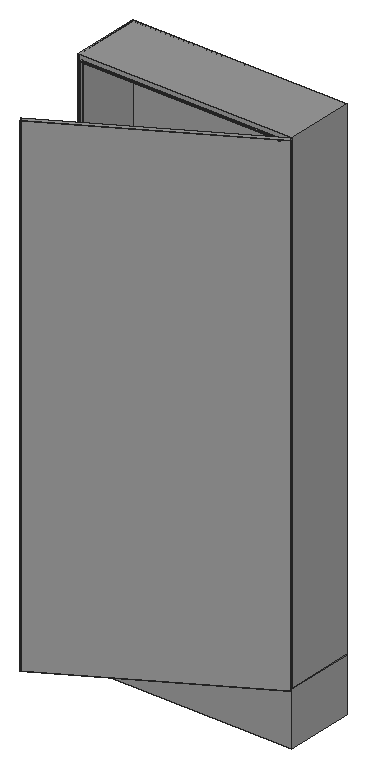
Revit family "Hager-Univers-IP55-D275-H2050-Cl.II-Steel_encl-NoHosted-CH-en", category Equipement électrique, Revit 2020
Family settings
  Configuration du panneau = Deux colonnes, circuits au sein
  Cote de connecteur circulaire = Utiliser le diamètre
  Type d'élément = Tableau de raccordement
  Basée sur le plan de construction = Oui
  Toujours verticalement = Oui
  Couper avec des vides une fois chargée = Non
  Partagée = Non
  Point de calcul de pièce = Non
Parameters (values of type "Floor installation IP55 W800 H2050 D275  - FR23S2")
  Width Control [instance] = if([EF000008 - Width] > Min Width, [EF000008 - Width], Min Width)  # 800 mm
  Commentaires du type = [HG000003 - Range]  # "Univers"
  Thickness Door [instance] = if([EF009171 - Material plate thickness door/cover] > 3 mm, 3 mm, [EF009171 - Material plate thickness door/cover])  # 1.5 mm
  Seal Frame Offset [instance] = 17 mm  # constant formula
  Plinth Visibility [instance] = [HG000027 - Plinth height] > 0 mm  # yes
  Min Width [instance] = 100 mm  # constant formula
  Min Depth [instance] = (2 * [EF009170 - Material plate thickness cabinet]) + 1 mm  # 4 mm
  Min Height [instance] = 100 mm  # constant formula
  Internal Frame Depth [instance] = (Door System Depth * 0.5)  # 9 mm
  Panel Name [instance] = ""  # (empty or 0)
  Model = ""
  HG000027 - Plinth height = 200 mm
  HG000026 - Floor standing = yes
  HG000024 - Bottom section height = 600 mm
  HG000023 - Double section enclosure = no
  HG000016 - Door 3d visibility [instance] = yes
  HG000015 - Clearance visibility [instance] = no
  HG000014 - Door on the right [instance] = yes
  HG000013 - Door on the left [instance] = not([HG000014 - Door on the right])  # no
  HG000012 - Door swing angle [instance] = 30.00°
  HG000010 - Asymmetric doors = no
  HG000009 - Double swing door = no
  HG000006 - Flush mounted = no
  HG000004 - Manufacturer reference = "FR23S2"
  HG000003 - Range = "Univers"
  HG000002 - With door or cover = yes
  Frame Offset Bottom [instance] = 10 mm  # constant formula
  Frame Offset [instance] = 15 mm  # constant formula
  EF015940 - Cover with overpressure release = no
  EF011959 - Degree of protection (NEMA) = ""
  EF009554 - Number of openings for flange plates = 6
  EF009212 - Cover model = "EV000116 - Closed"
  EF009171 - Material plate thickness door/cover = 1.5 mm
  EF009170 - Material plate thickness cabinet = 1.5 mm
  EF008873 - Nominal current (In) = 800 A
  EF007800 - Suitable for lightning protection = no
  EF006306 - With lock = no
  EF006244 - Transparent cover/door = no
  EF005474 - Degree of protection (IP) = "EV006420 - IP55"
  EF004464 - Type of door = "EV002646 - Single"
  EF004427 - Number of modules = 432
  EF004293 - Impact strength = "EV008784 - IK10"
  EF003532 - Suitable for outdoor use = no
  EF002950 - Width in number of modular spacings = 24
  EF001613 - Circuit integrity = "EV000494 - None"
  EF001596 - Material housing = "EV000179 - Steel"
  EF001131 - Internal depth = 275 mm
  EF001088 - Extension possible = yes
  EF000437 - Number of conduit inlets = 6
  EF000339 - Type of cover = "EV004216 - Door"
  EF000266 - Number of rows = 12
  EF000218 - Built-in depth = 0 mm
  EF000118 - With mounting plate = no
  EF000116 - RAL-number = "7035"
  EF000049 - Depth = 275 mm
  EF000040 - Height = 2050 mm
  EF000008 - Width = 800 mm
  EF000007 - Colour = "EV000270 - Grey"
  EF000003 - Mounting method = "EV012274 - Floor installation"
  Door System Leaf Tolerance [instance] = 1.5 mm  # constant formula
  Door System Depth [instance] = 18 mm  # constant formula
  Door Height [instance] = Height Control - [HG000027 - Plinth height]  # 1850 mm
  Description = ""
  Default Elevation = 1219.2 mm
  Connector Offset [instance] = Height Control / 2  # 1025 mm
  Fabricant = "Hager"  # constant formula
  Height Control [instance] = if([EF000040 - Height] > Min Height, [EF000040 - Height], Min Height)  # 2050 mm
  Depth Control [instance] = if([EF000049 - Depth] > Min Depth, [EF000049 - Depth], Min Depth)  # 275 mm
  Bottom Top Plate Trim [instance] = 1.5 mm  # constant formula
  Plinth height Ctrl [instance] = if([HG000027 - Plinth height] > 0 mm, [HG000027 - Plinth height], 12 mm)  # 200 mm
Types (11, lengths in mm): name | Width Control | HG000010 - Asymmetric doors | HG000009 - Double swing door | HG000004 - Manufacturer reference | EF009554 - Number of openings for flange plates | EF006244 - Transparent cover/door | EF004464 - Type of door | EF004427 - Number of modules | EF000437 - Number of conduit inlets | EF000008 - Width
  Floor installation IP55 W1050 H2050 D275  - FR24L2 | 1050 | yes | yes | "FR24L2" | 8 | yes | "EV003602 - Double" | 576 | 8 | 1050
  Floor installation IP55 W1050 H2050 D275  - FR24S2 | 1050 | yes | yes | "FR24S2" | 8 | no | "EV003602 - Double" | 576 | 8 | 1050
  Floor installation IP55 W1300 H2050 D275  - FR25L2 | 1300 | yes | yes | "FR25L2" | 10 | yes | "EV003602 - Double" | 720 | 10 | 1300
  Floor installation IP55 W1300 H2050 D275  - FR25S2 | 1300 | yes | yes | "FR25S2" | 10 | no | "EV003602 - Double" | 720 | 10 | 1300
  Floor installation IP55 W1550 H2050 D275  - FR26L2 | 1550 | yes | yes | "FR26L2" | 12 | yes | "EV003602 - Double" | 864 | 12 | 1550
  Floor installation IP55 W1550 H2050 D275  - FR26S2 | 1550 | yes | yes | "FR26S2" | 12 | no | "EV003602 - Double" | 864 | 12 | 1550
  Floor installation IP55 W300 H2050 D275  - FR21S2 | 300 | no | no | "FR21S2" | 2 | no | "EV002646 - Single" | 144 | 2 | 300
  Floor installation IP55 W550 H2050 D275  - FR22L2 | 550 | no | no | "FR22L2" | 4 | yes | "EV002646 - Single" | 288 | 4 | 550
  Floor installation IP55 W550 H2050 D275  - FR22S2 | 550 | no | no | "FR22S2" | 4 | no | "EV002646 - Single" | 288 | 4 | 550
  Floor installation IP55 W800 H2050 D275  - FR23L2 | 800 | no | no | "FR23L2" | 6 | yes | "EV002646 - Single" | 432 | 6 | 800
  Floor installation IP55 W800 H2050 D275  - FR23S2 | 800 | no | no | "FR23S2" | 6 | no | "EV002646 - Single" | 432 | 6 | 800
Reference planes
  plane 1 "Center (Front/Back)": y = 0
  plane 2: z = 0
  plane 3 "Center (Left/Right)": x = 0
  plane 4: y = 0
  plane 5: y = 0
  plane 6: z = 0
  plane 7: x = -400
  plane 8: x = 400
  plane 9: x = 398.5
  plane 10: x = -398.5
  plane 11: z = 200
  plane 12: z = 201.5
  plane 13: y = -275
  plane 14: y = -1.5
  plane 15: x = 0
  plane 16: y = -257
  plane 17: y = -273.5
  plane 18: y = -255.5
  plane 19: x = -383.5
  plane 20: x = 383.5
  plane 21: z = 211.5
  plane 22: x = -383
  plane 23: x = 383
  plane 24: z = 200
  plane 25: z = 2050
  plane 26: z = 2050
  plane 27: z = 2033.5
  plane 28: z = 2048.5
Forms (mm)
  Extrusion 1, solid, material "Hager_Steel_RAL7035_Light_Grey", detail levels medium+fine
    sketch origin (-208.679, -4572, 200) x (-1, 0, 0) y (0, -1, 0)
      loop
        line (191.321, -4315) -> (-608.679, -4315) -> (-608.679, -4572) -> (191.321, -4572) -> (191.321, -4315)
    from 0 to 1850
  Extrusion 2, void
    sketch origin (-350.771, -275, 1219.2) x (1, 0, 0) y (0, 0, 1)
      loop
        line (-47.729, 829.3) -> (-47.729, -1017.7) -> (749.271, -1017.7) -> (749.271, 829.3) -> (-47.729, 829.3)
    from -19.5 to -273.5
  Extrusion 3, void
    sketch origin (-290.084, -257, 1219.2) x (1, 0, 0) y (0, 0, 1)
      loop
        line (-93.416, -1007.7) -> (673.584, -1007.7) -> (673.584, 814.3) -> (-93.416, 814.3) -> (-93.416, -1007.7)
    from 0 to -1.5
  Extrusion 4, solid, material "Hager_Steel_RAL7035_Light_Grey", visible <- "Plinth Visibility", detail levels medium+fine
    sketch origin (0, 0, 0) x (1, 0, 0) y (0, 1, 0)
      loop
        line (-400, 0) -> (-400, -257) -> (400, -257) -> (400, 0) -> (-400, 0)
    from 0 to 200 <- "Plinth height Ctrl"
  Extrusion 5, solid, material "Hager_Steel_RAL7035_Light_Grey", detail levels coarse
    sketch origin (0, 0, 0) x (1, 0, 0) y (0, 1, 0)
      loop
        line (-400, 0) -> (-400, -275) -> (400, -275) -> (400, 0) -> (-400, 0)
    from 0 to 2050 <- "Height Control"
  Sweep 6, void
    path in 3D
      loop
        line (-400, -257, 200) -> (400, -257, 200) -> (400, 0, 200) -> (-400, 0, 200) -> (-400, -257, 200)
    profile origin (-400, -128.5, 200) x (1, 0, 0) y (0, 0, 1)
      loop
        line (0, 0) -> (0, -1.5) -> (1.5, -1.5)
        arc (1.5, -1.5) -> (1.061, -0.439) -> (0, 0) r 1.5
  Extrusion 7, solid, material "Hager_Steel_RAL7035_Light_Grey", detail levels fine
    sketch origin (-400, -257, 200) x (1, 0, 0) y (0, 0, 1)
      loop
        line (16.5, 11.5) -> (783.5, 11.5) -> (783.5, 1833.5) -> (16.5, 1833.5) -> (16.5, 11.5)
      loop
        line (15, 10) -> (785, 10) -> (785, 1835) -> (15, 1835) -> (15, 10)
    from 0 to 9 <- "Internal Frame Depth"
Cuts and joins
  Extrusion 2, Extrusion 3 cuts Extrusion 1
  Sweep 6 cuts Extrusion 4
Lines and regions (mm)
  Masking region 1
    outline origin (0, 0, 0) x (1, 0, 0) y (0, 1, 0)
      loop
        line (-400, 0) -> (-400, -275) -> (400, -275) -> (400, 0) -> (-400, 0)
  Masking region 2, detail levels coarse
    outline origin (-290.084, -257, 1219.2) x (-1, 0, 0) y (0, 0, 1)
      loop
        line (-690.084, -1219.2) -> (109.916, -1219.2) -> (109.916, 830.8) -> (-690.084, 830.8) -> (-690.084, -1219.2)
  Masking region 3, detail levels coarse
    outline origin (0, 0, 0) x (0, 1, 0) y (0, 0, 1)
      loop
        line (0, 0) -> (0, 2050) -> (-275, 2050) -> (-275, 0) -> (0, 0)
  Masking region 4, visible <- "Plinth Visibility", detail levels medium+fine
    outline origin (0, 0, 0) x (0, 1, 0) y (0, 0, 1)
      loop
        line (-1.5, 200) -> (-255.5, 200)
        arc (-255.5, 200) -> (-255.939, 198.939) -> (-257, 198.5) r 1.5
        line (-257, 198.5) -> (-257, 0) -> (0, 0) -> (0, 198.5)
        arc (0, 198.5) -> (-1.061, 198.939) -> (-1.5, 200) r 1.5
  Masking region 5, detail levels medium+fine
    outline origin (0, 0, 594.038) x (0, 1, 0) y (0, 0, 1)
      loop
        line (0, -394.038) -> (0, 1455.962) -> (-257, 1455.962) -> (-257, -394.038) -> (0, -394.038)
  Masking region 6, detail levels medium+fine
    outline origin (-359.7, -257, 1211.883) x (-1, 0, 0) y (0, 0, 1)
      loop
        line (-759.7, -1011.883) -> (40.3, -1011.883) -> (40.3, 838.117) -> (-759.7, 838.117) -> (-759.7, -1011.883)
  Masking region 7, visible <- "Plinth Visibility", detail levels medium+fine
    outline origin (-320.334, -257, 1041.368) x (-1, 0, 0) y (0, 0, 1)
      loop
        line (-720.334, -1041.368) -> (79.666, -1041.368) -> (79.666, -842.868)
        arc (79.666, -842.868) -> (78.606, -842.429) -> (78.166, -841.368) r 1.5
        line (78.166, -841.368) -> (-718.834, -841.368)
        arc (-718.834, -841.368) -> (-719.273, -842.429) -> (-720.334, -842.868) r 1.5
        line (-720.334, -842.868) -> (-720.334, -1041.368)
  sketch lines
    curve 1: line (-400, 0, 200) -> (-400, -257, 200)
    curve 2: line (-400, -257, 200) -> (400, -257, 200)
    curve 3: line (400, 0, 200) -> (-400, 0, 200)
    curve 4: line (400, -257, 200) -> (400, 0, 200)
Dimensions and locks
  locked: plane 1 "Center (Front/Back)" to plane 5
  "EF009170 - Material plate thickness cabinet": plane 7 to plane 10
  "EF009170 - Material plate thickness cabinet": plane 8 to plane 9
  equal spacing: plane 7, plane 3 "Center (Left/Right)", plane 8
  "Width Control": plane 7 to plane 8
  "Depth Control": plane 4 to plane 13
  "EF009170 - Material plate thickness cabinet": plane 4 to plane 14
  "Height Control": plane 25 to level
  "HG000027 - Plinth height": plane 11 to level
  "EF009170 - Material plate thickness cabinet": plane 12 to plane 11
  "EF009170 - Material plate thickness cabinet": plane 17 to plane 13
  "EF009170 - Material plate thickness cabinet": plane 18 to plane 16
  "Frame Offset Bottom": plane 21 to plane 12
  "Frame Offset": plane 10 to plane 19
  "Frame Offset": plane 9 to plane 20
  "Door System Depth": plane 16 to plane 13
  "Seal Frame Offset": plane 7 to plane 22
  "Seal Frame Offset": plane 8 to plane 23
  "EF009170 - Material plate thickness cabinet": plane 26 to plane 28
  "Frame Offset": plane 28 to plane 27
  "Connector Offset": plane 2 to connector elem
  "Bottom Top Plate Trim": profile plane to Sweep 6 sketch curve
  "Bottom Top Plate Trim": Sweep 6 sketch curve to Sweep 6 sketch curve
  "Plinth height Ctrl": Masking region 4 sketch curve to level
  "Plinth height Ctrl": Masking region 7 sketch curve to level
  "Thickness Door": Extrusion 7 sketch curve to Extrusion 7 sketch curve  (x4)
  "Bottom Top Plate Trim": radius of Sweep 6 sketch curve
  "Bottom Top Plate Trim": radius of Masking region 4 sketch curve  (x2)
  "Bottom Top Plate Trim": radius of Masking region 7 sketch curve  (x2)
  aligned and locked: Extrusion 2 sketch curve to plane 12
  aligned and locked: Extrusion 2 sketch curve to plane 9
  aligned and locked: Extrusion 2 sketch curve to plane 10
  aligned and locked: Extrusion 2 to plane 14
  aligned and locked: Extrusion 1 sketch curve to plane 4
  aligned and locked: plane 8 to Extrusion 1 sketch curve
  aligned and locked: plane 7 to Extrusion 1 sketch curve
  aligned and locked: Extrusion 2 to plane 18
  aligned and locked: Extrusion 3 sketch curve to plane 19
  aligned and locked: plane 20 to Extrusion 3 sketch curve
  aligned and locked: Extrusion 3 to Extrusion 2
  aligned and locked: Extrusion 3 sketch curve to plane 21
  aligned and locked: plane 3 "Center (Left/Right)" to nested 1
  aligned and locked: Extrusion 1 sketch curve to plane 16
  aligned and locked: Extrusion 4 sketch curve to cut or joined group of Extrusion 1, Extrusion 2, Extrusion 3
  aligned and locked: Masking region 1 sketch curve to plane 7
  aligned and locked: Masking region 1 sketch curve to plane 5
  aligned and locked: Masking region 1 sketch curve to plane 8
  aligned and locked: Masking region 2 sketch curve to level
  aligned and locked: level to Masking region 3 sketch curve
  aligned and locked: plane 1 "Center (Front/Back)" to Masking region 3 sketch curve
  aligned and locked: plane 13 to Masking region 3 sketch curve
  aligned and locked: plane 5 to Masking region 4 sketch curve
  aligned and locked: Masking region 2 sketch curve to plane 8
  aligned and locked: Masking region 2 sketch curve to plane 7
  aligned and locked: plane 7 to nested 2
  aligned and locked: nested 2 to plane 5
  aligned and locked: plane 5 to Masking region 5 sketch curve
  aligned and locked: plane 26 to Masking region 5 sketch curve
  aligned and locked: Extrusion 5 sketch curve to plane 8
  aligned and locked: Extrusion 5 sketch curve to plane 7
  aligned and locked: Extrusion 5 sketch curve to plane 5
  aligned and locked: Extrusion 3 sketch curve to plane 27
  aligned and locked: Extrusion 2 sketch curve to plane 28
  aligned and locked: Masking region 2 to plane 25
  aligned and locked: Extrusion 4 to plane 16
  aligned and locked: profile plane to Sweep 6 sketch curve
  aligned and locked: Masking region 5 sketch curve to plane 24
  aligned and locked: level to Masking region 4 sketch curve
  aligned and locked: Masking region 1 to plane 13
  aligned and locked: nested 1 to plane 16
  aligned and locked: Masking region 3 to plane 25
  aligned and locked: plane 16 to Masking region 4 sketch curve
  aligned and locked: Masking region 5 sketch curve to plane 16
  aligned and locked: plane 24 to plane 11
  aligned and locked: plane 26 to plane 25
  aligned and locked: plane 26 to cut or joined group of Extrusion 1, Extrusion 2, Extrusion 3
  aligned and locked: nested 1 to plane 24
  aligned and locked: Extrusion 1 to Extrusion 3
  aligned and locked: Masking region 6 sketch curve to plane 8
  aligned and locked: Masking region 6 sketch curve to plane 24
  aligned and locked: Masking region 6 sketch curve to plane 7
  aligned and locked: Masking region 6 sketch curve to plane 26
  aligned and locked: Masking region 7 sketch curve to plane 7
  aligned and locked: level to Masking region 7 sketch curve
  aligned and locked: Masking region 7 sketch curve to plane 8
  aligned and locked: Extrusion 7 sketch curve to cut or joined group of Extrusion 1, Extrusion 2, Extrusion 3  (x4)
Automatic sketch dimensions
  plane 19 to Extrusion 3 sketch curve = 0 mm
  Extrusion 3 sketch curve to plane 20 = 0 mm
  Extrusion 3 sketch curve to plane 21 = 0 mm
  Extrusion 4 sketch curve to plane 7 = 0 mm
  Extrusion 4 sketch curve to plane 8 = 0 mm
  Extrusion 4 sketch curve to plane 16 = 0 mm
  Masking region 1 sketch curve to plane 13 = 0 mm
  Masking region 2 sketch curve to plane 25 = 0 mm
  Masking region 3 sketch curve to plane 25 = 0 mm
  Extrusion 5 sketch curve to plane 13 = 0 mm
  profile plane to Sweep 6 sketch curve = 0 mm
Nested families
  nested 1: "EC000058_Univers_Door" at (0, -257, 200), Double <- "HG000009 - Double swing door", Transparent <- "EF006244 - Transparent cover/door", Angle <- "HG000012 - Door swing angle", Door_Right <- "HG000014 - Door on the right", Assymetrical <- "HG000010 - Asymmetric doors", Door <- "HG000002 - With door or cover", Width_Ctrl <- "Width Control", 3d_Door <- "HG000016 - Door 3d visibility", Clearance <- "HG000015 - Clearance visibility", Door_Left <- "HG000013 - Door on the left", Width <- "Width Control", Door_Depth <- "Door System Depth", Leaf_Tolerance <- "Door System Leaf Tolerance", Height <- "Door Height", Lock_Visibility <- "EF006306 - With lock", Thickness <- "Thickness Door", type "EC000058_Univers_Door", detail levels medium+fine
    with min_wh 4 mm, Width_Ctrl 800 mm, Width 800 mm, Transparent no, Thickness 1.5 mm, Seal_Material Hager_Rubber, Lock_Visibility no, Lock_Material Hager_Plastic_RAL9005_Jet_Black, Leaf_Width 800 mm, Leaf_Tolerance_External_Sides 0 mm, Leaf_Tolerance 1.5 mm, Leaf_Offset 0 mm, Leaf_Height 1847 mm, Leaf_2_Width 800 mm, Leaf_2_Offset 400 mm, Leaf_1_Width 800 mm, Leaf_1_Offset 400 mm, Height_Ctrl 1850 mm, Height 1850 mm, Glass_Material Hager_Glass, Double_Clearance_Ctrl no, Double no, Door_Right_Ctrl yes, Door_Right yes, Door_Material Hager_Steel_RAL7035_Light_Grey, Door_Left_Ctrl no, Door_Left no, Door_Depth 18 mm, Door yes, Clearance_Material Hager_Clearance, Clearance_Depth 800 mm, Clearance_Ctrl no, Clearance no, Assymetrical no, Angle 30.00°, 3d_Door yes
  nested 2: "Hager_Enclosure_Symbol" at (-400, 0, 0), Height <- "Depth Control", Width <- "Width Control", type "Hager_Enclosure_Symbol"
    with Width_Ctrl 800 mm, Width 800 mm, Height_Ctrl 275 mm, Height 275 mm, A_Width_Int 18.047 mm, A_Width 216.562 mm, A_Height_Ctrl 240.625 mm, A_Height 240.625 mm
Connectors
  electrical at (0, 0, 1025)
    settings: on plane 1 "Center (Front/Back)", index 1, voltage 0 V, apparent load 0 VA, apparent load phase1 0 VA, apparent load phase2 0 VA, apparent load phase3 0 VA, power factor 1, load classification "Other", number of poles 1, system type 30, power factor state 1, is connector primary yes, connector utility no, sub classification motor no, connector description ""
Definition of nested family "EC000058_Univers_Door"
  Parameters (values of type "EC000058_Univers_Door")
    min_wh [instance] = (2 * Thickness) + 1 mm  # 11 mm
    Width_Ctrl [instance] = 400 mm
    Width [instance] = 500 mm
    Transparent [instance] = yes
    Thickness [instance] = 5 mm
    Seal_Material [instance] = none
    Lock_Visibility [instance] = yes
    Lock_Material [instance] = none
    Leaf_Width [instance] = if((Width_Ctrl - 2 * Leaf_Tolerance_External_Sides) > 0 mm, (Width_Ctrl - 2 * Leaf_Tolerance_External_Sides), min_wh)  # 400 mm
    Leaf_Tolerance_External_Sides [instance] = 0 mm  # constant formula
    Leaf_Tolerance [instance] = 1.5 mm
    Leaf_Offset [instance] = 0 mm  # constant formula
    Leaf_Height [instance] = if((Height_Ctrl - 2 * Leaf_Tolerance) > 0 mm, (Height_Ctrl - 2 * Leaf_Tolerance), min_wh)  # 497 mm
    Leaf_2_Width [instance] = if(and(and(Double, Assymetrical), Door_Left), (Leaf_Width / 3) - (Leaf_Tolerance / 2), if(and(and(Double, Assymetrical), Door_Right), (Leaf_Width / 3) * 2 - (Leaf_Tolerance / 2), if(and(Double, not(Assymetrical)), (Leaf_Width / 2) - Leaf_Tolerance, Leaf_Width)))  # 400 mm
    Leaf_2_Offset [instance] = if(and(Double, Assymetrical), Leaf_2_Width / 2, if(and(Double, not(Assymetrical)), Leaf_Width / 4, Leaf_Width / 2))  # 200 mm
    Leaf_1_Width [instance] = if(and(and(Double, Assymetrical), Door_Right), (Leaf_Width / 3) - (Leaf_Tolerance / 2), if(and(and(Double, Assymetrical), Door_Left), (Width / 3) * 2 - (Leaf_Tolerance / 2), if(and(Double, not(Assymetrical)), (Leaf_Width / 2) - Leaf_Tolerance, Leaf_Width)))  # 400 mm
    Leaf_1_Offset [instance] = if(and(Double, Assymetrical), Leaf_1_Width / 2, if(and(Double, not(Assymetrical)), Leaf_Width / 4, Leaf_Width / 2))  # 200 mm
    Height_Ctrl [instance] = if(Height > min_wh, Height, min_wh)  # 500 mm
    Height [instance] = 500 mm
    Glass_Material [instance] = none
    Double_Clearance_Ctrl [instance] = and(Double, Clearance)  # no
    Double [instance] = no
    Door_Right_Ctrl [instance] = and(or(Door_Right, Double), Door)  # yes
    Door_Right [instance] = yes
    Door_Material [instance] = none
    Door_Left_Ctrl [instance] = and(or(Door_Left, Double), Door)  # no
    Door_Left [instance] = no
    Door_Depth [instance] = 30 mm
    Door [instance] = yes
    Default Elevation = 1219.2 mm
    Clearance_Material [instance] = none
    Clearance_Depth [instance] = if(Leaf_1_Width > Leaf_2_Width, Leaf_1_Width, Leaf_2_Width)  # 400 mm
    Clearance_Ctrl [instance] = and(not(Double), Clearance)  # yes
    Clearance [instance] = yes
    Assymetrical [instance] = yes
    Angle [instance] = 30.00°
    3d_Door [instance] = yes
  Reference planes
    plane 1 "Center (Front/Back)": y = 0
    plane 2 "Bottom": z = 0
    plane 3 "Center (Left/Right)": x = 0
    plane 4: z = 500
    plane 5: x = -200
    plane 6: x = 200
    plane 7: z = 500
    plane 8: x = -200
    plane 9: z = 0
    plane 10: x = 200
    plane 11: y = 0
    plane 12: z = 1.5
    plane 13: x = -600
    plane 14: y = -400
    plane 15: x = 600
    plane 16: x = 0
    plane 17: x = 0
    plane 18: x = -200
    plane 19: x = 200
    plane 20: z = 498.5
  Forms (mm)
    Extrusion 1, solid, material <- "Clearance_Material", visible <- "Double_Clearance_Ctrl"
      sketch origin (1200, 0, 0) x (1, 0, 0) y (0, 0, -1)
        loop
          line (-1800, -498.5) -> (-600, -498.5) -> (-600, 0) -> (-1800, 0) -> (-1800, -498.5)
      from 0 to -400
  Dimensions and locks
    equal spacing: plane 5, plane 3 "Center (Left/Right)", plane 6
    "Width_Ctrl": plane 5 to plane 6
    "Leaf_Offset": plane 5 to plane 8
    "Leaf_Offset": plane 6 to plane 10
    "Leaf_Offset": plane 9 to level
    "Leaf_Offset": plane 4 to plane 7
    "Height_Ctrl": plane 4 to level
    "Leaf_Tolerance": plane 12 to plane 9
    locked: plane 11 to plane 1 "Center (Front/Back)"
    "Leaf_1_Offset": plane 18 to plane 16
    "Leaf_2_Offset": plane 17 to plane 19
    "Leaf_1_Width": plane 13 to plane 8
    "Leaf_2_Width": plane 10 to plane 15
    "Clearance_Depth": plane 14 to plane 1 "Center (Front/Back)"
    "Leaf_Tolerance_External_Sides": plane 8 to plane 18
    "Leaf_Tolerance_External_Sides": plane 19 to plane 10
    "Leaf_Tolerance": plane 7 to plane 20
    aligned and locked: level to plane 2 "Bottom"
    aligned and locked: nested 1 to plane 16
    aligned and locked: nested 2 to plane 17
    aligned and locked: Extrusion 1 to plane 13
    aligned and locked: plane 15 to Extrusion 1
    aligned and locked: Extrusion 1 to plane 14
    aligned and locked: plane 12 to nested 1
    aligned and locked: nested 2 to plane 12
    aligned and locked: Extrusion 1 to plane 11
    aligned and locked: plane 20 to Extrusion 1
    aligned and locked: nested 2 to plane 11
    aligned and locked: nested 1 to plane 11
  Automatic sketch dimensions
    Extrusion 1 sketch curve to level = 0 mm
    plane 5 to Extrusion 1 sketch curve = 400 mm
    plane 6 to Extrusion 1 sketch curve = 400 mm
    Extrusion 1 sketch curve to plane 4 = 1.5 mm
  Nested families
    nested 1: "EC000058_Univers_Door_Leaf" at (0, 0, 1.5), Width <- "Leaf_1_Width", visible <- "Door_Left_Ctrl", Leaf_Height <- "Leaf_Height", Angle <- "Angle", 3d_Door <- "3d_Door", Transparent <- "Transparent", Clearance Material <- "Clearance_Material", Clearance <- "Clearance_Ctrl", Door_Material <- "Door_Material", Glass_Material <- "Glass_Material", Door_Depth <- "Door_Depth", Lock_Material <- "Lock_Material", Seal_Material <- "Seal_Material", Lock_Visibility <- "Lock_Visibility", Thickness <- "Thickness", type "EC000058_Univers_Door_Leaf"
      with Width 400 mm, Transparent_Glass_Offset 30 mm, Transparent_Ctrl yes, Transparent yes, Thickness 5 mm, Standard no, Seal_Material none, Seal_D2 8 mm, Seal_D1 1 mm, Offset_Internal_Frame 10 mm, Lock_Width 20 mm, Lock_Visibility_3d yes, Lock_Visibility yes, Lock_Thickness_3 3 mm, Lock_Thickness_2 1 mm, Lock_Thickness_1 3 mm, Lock_Radius_Offset_2 16 mm, Lock_Radius_Offset_1 15 mm, Lock_Radius_2 5 mm, Lock_Radius 6 mm, Lock_Offset 5 mm, Lock_Material none, Lock_Height 80 mm, Lock_Cover_Top_Offset_2d 17 mm, Lock_Cover_Height -65 mm, Leaf_Height 497 mm, Internal_Seal_Thickness 8 mm, Internal_Seal_Depth_2 4.5 mm, Internal_Frame_Depth 25 mm, Glass_Thickness -1 mm, Glass_Offset -2 mm, Glass_Material none, Door_Material none, Door_Depth 30 mm, Clearance Material none, Clearance yes, Angle_Ctrl 30.00°, Angle 30.00°, 3d_Door yes
    nested 2: "EC000058_Univers_Door_Leaf" at (0, 0, 1.5) x (-1, 0, 0) z (0, 0, 1), Width <- "Leaf_2_Width", visible <- "Door_Right_Ctrl", Leaf_Height <- "Leaf_Height", Angle <- "Angle", 3d_Door <- "3d_Door", Transparent <- "Transparent", Clearance Material <- "Clearance_Material", Clearance <- "Clearance_Ctrl", Door_Material <- "Door_Material", Glass_Material <- "Glass_Material", Door_Depth <- "Door_Depth", Lock_Material <- "Lock_Material", Seal_Material <- "Seal_Material", Lock_Visibility <- "Lock_Visibility", Thickness <- "Thickness", type "EC000058_Univers_Door_Leaf"
      with Width 400 mm, Transparent_Glass_Offset 30 mm, Transparent_Ctrl yes, Transparent yes, Thickness 5 mm, Standard no, Seal_Material none, Seal_D2 8 mm, Seal_D1 1 mm, Offset_Internal_Frame 10 mm, Lock_Width 20 mm, Lock_Visibility_3d yes, Lock_Visibility yes, Lock_Thickness_3 3 mm, Lock_Thickness_2 1 mm, Lock_Thickness_1 3 mm, Lock_Radius_Offset_2 16 mm, Lock_Radius_Offset_1 15 mm, Lock_Radius_2 5 mm, Lock_Radius 6 mm, Lock_Offset 5 mm, Lock_Material none, Lock_Height 80 mm, Lock_Cover_Top_Offset_2d 17 mm, Lock_Cover_Height -65 mm, Leaf_Height 497 mm, Internal_Seal_Thickness 8 mm, Internal_Seal_Depth_2 4.5 mm, Internal_Frame_Depth 25 mm, Glass_Thickness -1 mm, Glass_Offset -2 mm, Glass_Material none, Door_Material none, Door_Depth 30 mm, Clearance Material none, Clearance yes, Angle_Ctrl 30.00°, Angle 30.00°, 3d_Door yes
  Definition of nested family "EC000058_Univers_Door_Leaf"
    Parameters (values of type "EC000058_Univers_Door_Leaf")
      Width [instance] = 2000 mm
      Transparent_Glass_Offset [instance] = 30 mm
      Transparent_Ctrl [instance] = and(Transparent, [3d_Door])  # yes
      Transparent [instance] = yes
      Thickness [instance] = 5 mm
      Standard [instance] = and(not(Transparent), [3d_Door])  # no
      Seal_Material [instance] = none
      Seal_D2 [instance] = 8 mm  # constant formula
      Seal_D1 [instance] = 1 mm  # constant formula
      Offset_Internal_Frame [instance] = 10 mm  # constant formula
      Lock_Width [instance] = 20 mm  # constant formula
      Lock_Visibility_3d [instance] = and(Lock_Visibility, [3d_Door])  # yes
      Lock_Visibility [instance] = yes
      Lock_Thickness_3 [instance] = 3 mm  # constant formula
      Lock_Thickness_2 [instance] = 1 mm  # constant formula
      Lock_Thickness_1 [instance] = 3 mm  # constant formula
      Lock_Radius_Offset_2 [instance] = Lock_Radius_Offset_1 + 1 mm  # 16 mm
      Lock_Radius_Offset_1 [instance] = 15 mm  # constant formula
      Lock_Radius_2 [instance] = Lock_Radius - 1 mm  # 5 mm
      Lock_Radius [instance] = 6 mm  # constant formula
      Lock_Offset [instance] = 5 mm  # constant formula
      Lock_Material [instance] = none
      Lock_Height [instance] = 80 mm  # constant formula
      Lock_Cover_Top_Offset_2d [instance] = Lock_Radius_Offset_2 + 1 mm  # 17 mm
      Lock_Cover_Height [instance] = -(Lock_Height - Lock_Radius_Offset_1)  # -65 mm
      Leaf_Height [instance] = 2720.336 mm
      Internal_Seal_Thickness [instance] = 8 mm  # constant formula
      Internal_Seal_Depth_2 [instance] = 4.5 mm  # constant formula
      Internal_Frame_Depth [instance] = if(Door_Depth - Thickness > 5 mm, Door_Depth - Thickness, 5 mm)  # 25 mm
      Glass_Thickness [instance] = if(Thickness > 15 mm, Glass_Offset + 10 mm, -1 mm)  # -1 mm
      Glass_Offset [instance] = if(Thickness > 15 mm, -(Thickness + 10 mm) / 2, -2 mm)  # -2 mm
      Glass_Material [instance] = none
      Door_Material [instance] = none
      Door_Depth [instance] = 30 mm
      Default Elevation = 0 mm
      Clearance Material [instance] = none
      Clearance [instance] = yes
      Angle_Ctrl [instance] = if(Angle > 180.00°, 180.00°, Angle)  # 90.00°
      Angle [instance] = 90.00°
      3d_Door [instance] = yes
    Reference planes
      plane 1 "Center (Front/Back)": y = 0
      plane 2: z = 0
      plane 3 "Center (Left/Right)": x = 0
      plane 4: y = 2000
      plane 5: x = -1000
      plane 6: x = 1000
      plane 7: x = -3000
      plane 8: z = 2720.336
      plane 9: z = 30
      plane 10: z = 2690.336
      plane 11: x = 970
      plane 12: x = -970
      plane 13: y = -3
      plane 14: z = 107.833
      plane 15: y = -5
      plane 16: y = -223.314
      plane 17: x = -1000
      plane 18: z = 1360.168
      plane 19: y = 30
    Forms (mm)
      Extrusion 1, solid, material <- "Clearance Material", visible <- "Clearance"
        sketch origin (0, 0, 0) x (1, 0, 0) y (0, 0, 1)
          loop
            line (-3000, 2720.336) -> (-3000, 0) -> (1000, 0) -> (1000, 2720.336) -> (-3000, 2720.336)
        from 0 to -2000
      Extrusion 2, solid, material <- "Door_Material", visible <- "Standard", detail levels medium+fine
        sketch origin (-1000, 0, 0) x (0, 1, 0) y (-1, 0, 0)
          loop
            line (0, 30) -> (0, 25) -> (2000, 25) -> (2000, 30) -> (0, 30)
        from 0 to 2720.336 <- "Leaf_Height"
      Extrusion 3, solid, material <- "Door_Material", visible <- "Transparent_Ctrl", detail levels medium+fine
        sketch origin (-1000, 0, 0) x (0, 1, 0) y (-1, 0, 0)
          loop
            line (0, 25) -> (2000, 25) -> (2000, 30) -> (0, 30) -> (0, 25)
        from 0 to 2720.336 <- "Leaf_Height"
      Extrusion 4, void
        sketch origin (-1025, 2000, 0) x (0, 1, 0) y (0, 0, -1)
          loop
            line (-30, -2690.336) -> (-30, -30) -> (-1970, -30) -> (-1970, -2690.336) -> (-30, -2690.336)
        from 0 to 5 <- "Thickness"
      Sweep 5, solid, material <- "Seal_Material", visible <- "Transparent_Ctrl", detail levels fine
        path in 3D
          loop
            line (-1025, 30, 30) -> (-1025, 30, 2690.336) -> (-1025, 1970, 2690.336) -> (-1025, 1970, 30) -> (-1025, 30, 30)
        profile origin (-1025, 1000, 30) x (1, 0, 0) y (0, 0, 1)
          loop
            line (0, 0) -> (0, -8) -> (1, -8) -> (1, 0) -> (0, 0)
      Extrusion 6, solid, material <- "Glass_Material", visible <- "Transparent_Ctrl", detail levels medium+fine
        sketch origin (-1030, 0, 0) x (0, 1, 0) y (0, 0, -1)
          loop
            line (1970, -2690.336) -> (1970, -30) -> (30, -30) -> (30, -2690.336) -> (1970, -2690.336)
        from -2 <- "Glass_Offset" to -1 <- "Glass_Thickness"
      Extrusion 7, solid, material <- "Door_Material", visible <- "3d_Door", detail levels medium+fine
        sketch origin (-1025, 2000, 0) x (0, -1, 0) y (0, 0, -1)
          loop
            line (0, -2720.336) -> (2000, -2720.336) -> (2000, 0) -> (0, 0) -> (0, -2720.336)
          loop
            line (1995, -5) -> (5, -5) -> (5, -2715.336) -> (1995, -2715.336) -> (1995, -5)
        from 0 to 25 <- "Internal_Frame_Depth"
      Sweep 8, solid, material <- "Seal_Material", visible <- "Transparent_Ctrl", detail levels fine
        path in 3D
          loop
            line (-1025, 0, 0) -> (-1025, 2000, 0) -> (-1025, 2000, 2720.336) -> (-1025, 0, 2720.336) -> (-1025, 0, 0)
        profile origin (-1025, 0, 1360.168) x (1, 0, 0) y (0, 1, 0)
          loop
            line (0, 10) -> (2.975, 10)
            arc (2.975, 10) -> (4.053, 10.447) -> (4.5, 11.525) r 1.525
            line (4.5, 11.525) -> (4.5, 16.527)
            arc (4.5, 16.527) -> (4.069, 17.569) -> (3.027, 18) r 1.473
            line (3.027, 18) -> (0, 18) -> (0, 10)
      Extrusion 9, solid, material <- "Lock_Material", visible <- "Lock_Visibility_3d", detail levels fine
        sketch origin (-1030, 0, 0) x (0, 1, 0) y (0, 0, -1)
          loop
            arc (1993.5, -1400.168) -> (1994.561, -1399.729) -> (1995, -1398.668) r 1.5
            line (1995, -1398.668) -> (1995, -1320.168) -> (1975, -1320.168) -> (1975, -1398.668)
            arc (1975, -1398.668) -> (1975.439, -1399.729) -> (1976.5, -1400.168) r 1.5
            line (1976.5, -1400.168) -> (1993.5, -1400.168)
        from 3 <- "Lock_Thickness_1" to 0
      Blend 10, solid, material <- "Lock_Material", visible <- "Lock_Visibility_3d", detail levels fine
        base sketch origin (-1033, 0, 0) x (0, 1, 0) y (0, 0, -1)
          loop
            line (1975, -1320.168) -> (1975, -1398.668)
            arc (1975, -1398.668) -> (1975.439, -1399.729) -> (1976.5, -1400.168) r 1.5
            line (1976.5, -1400.168) -> (1993.5, -1400.168)
            arc (1993.5, -1400.168) -> (1994.561, -1399.729) -> (1995, -1398.668) r 1.5
            line (1995, -1398.668) -> (1995, -1320.168) -> (1975, -1320.168)
        top sketch origin (-1033, 0, 0) x (0, 1, 0) y (0, 0, -1)
          loop
            line (1976, -1320.168) -> (1976, -1398.668)
            arc (1976, -1398.668) -> (1976.146, -1399.022) -> (1976.5, -1399.168) r 0.5
            line (1976.5, -1399.168) -> (1993.5, -1399.168)
            arc (1993.5, -1399.168) -> (1993.854, -1399.022) -> (1994, -1398.668) r 0.5
            line (1994, -1398.668) -> (1994, -1320.168) -> (1976, -1320.168)
        from 0 to 1 <- "Lock_Thickness_2"
      Blend 11, solid, material <- "Lock_Material", visible <- "Lock_Visibility_3d", detail levels fine
        base sketch origin (-1034, 0, 0) x (0, 1, 0) y (0, 0, -1)
          loop
            line (1978, -1320.168) -> (1978, -1384.168)
            arc (1978, -1384.168) -> (1985, -1391.168) -> (1992, -1384.168) r 7
            line (1992, -1384.168) -> (1992, -1320.168) -> (1978, -1320.168)
        top sketch origin (-1034, 0, 0) x (0, 1, 0) y (0, 0, -1)
          loop
            line (1991, -1320.168) -> (1979, -1320.168) -> (1979, -1383.168)
            arc (1979, -1383.168) -> (1985, -1389.168) -> (1991, -1383.168) r 6
            line (1991, -1383.168) -> (1991, -1320.168)
        from 0 to 3 <- "Lock_Thickness_3"
      Extrusion 12, solid, material <- "Lock_Material", visible <- "Lock_Visibility_3d", detail levels fine
        sketch origin (-1030, 1975, 1320.168) x (1, 0, 0) y (0, -1, 0)
          loop
            line (-7, -19) -> (-7, -1) -> (0, -1) -> (0, 0) -> (-8, 0) -> (-8, -20) -> (0, -20) -> (0, -19) -> (-7, -19)
        from 0 to -65 <- "Lock_Cover_Height"
      Extrusion 13, void
        sketch origin (-1038, 1995, 1320.168) x (-1, 0, 0) y (0, 0, -1)
          loop
            line (-5, -65) -> (0, -65) -> (-5, -60) -> (-5, -65)
        from 0 to 20 <- "Lock_Width"
      Extrusion 14, void
        sketch origin (-1038, 1975, 1320.168) x (0, -1, 0) y (0, 0, -1)
          loop
            circle (-10, -15.995) r 6
          loop
            circle (-10, -15.995) r 5
        from 0 to 2
      Extrusion 15, solid, material <- "Lock_Material", visible <- "Lock_Visibility_3d", detail levels medium
        sketch origin (-1030, 0, 0) x (0, 1, 0) y (0, 0, -1)
          loop
            arc (1993.5, -1400.168) -> (1994.561, -1399.729) -> (1995, -1398.668) r 1.5
            line (1995, -1398.668) -> (1995, -1320.168) -> (1975, -1320.168) -> (1975, -1398.668)
            arc (1975, -1398.668) -> (1975.439, -1399.729) -> (1976.5, -1400.168) r 1.5
            line (1976.5, -1400.168) -> (1993.5, -1400.168)
        from 8 to 0
    Cuts and joins
      Extrusion 4 cuts Extrusion 3
      Extrusion 13, Extrusion 14 cuts Extrusion 9
      Extrusion 14 cuts Blend 11
      Extrusion 13, Extrusion 14 cuts Extrusion 12
      joined: Extrusion 9, Blend 10, Blend 11, Extrusion 12
      Extrusion 14 cuts Extrusion 15
    Lines and regions (mm)
      Masking region 1, visible <- "Lock_Visibility", detail levels fine
        outline origin (0, 0, 0) x (0, 1, 0) y (0, 0, 1)
          loop
            line (30, 1320.168) -> (33, 1320.168) -> (33, 1400.168) -> (30, 1400.168) -> (30, 1320.168)
      Masking region 2, visible <- "Lock_Visibility", detail levels fine
        outline origin (0, 3.143, 0) x (0, 1, 0) y (0, 0, 1)
          loop
            line (29.857, 1354.168) -> (30.857, 1354.168) -> (30.857, 1366.168) -> (29.857, 1366.168) -> (29.857, 1354.168)
      Masking region 3, detail levels medium+fine
        outline origin (0, 0, 0) x (0, 1, 0) y (0, 0, 1)
          loop
            line (0, 0) -> (30, 0) -> (30, 2720.336) -> (0, 2720.336) -> (0, 0)
      Masking region 4, detail levels medium+fine
        outline origin (0, 0, 0) x (1, 0, 0) y (0, 0, 1)
          loop
            line (-1000, 2720.336) -> (-1000, 0) -> (1000, 0) -> (1000, 2720.336) -> (-1000, 2720.336)
      Masking region 5, visible <- "Lock_Visibility", detail levels fine
        outline origin (-47.116, 0, 0) x (1, 0, 0) y (0, 0, 1)
          loop
            arc (1024.616, 1399.168) -> (1023.556, 1398.729) -> (1023.116, 1397.668) r 1.5
            line (1023.116, 1397.668) -> (1023.116, 1320.168) -> (1041.116, 1320.168) -> (1041.116, 1397.668)
            arc (1041.116, 1397.668) -> (1040.677, 1398.729) -> (1039.616, 1399.168) r 1.5
            line (1039.616, 1399.168) -> (1024.616, 1399.168)
      Masking region 6, visible <- "Lock_Visibility", detail levels medium+fine
        outline origin (-25, 0, 0) x (1, 0, 0) y (0, 0, 1)
          loop
            arc (1001.5, 1400.168) -> (1000.439, 1399.729) -> (1000, 1398.668) r 1.5
            line (1000, 1398.668) -> (1000, 1320.168) -> (1020, 1320.168) -> (1020, 1398.668)
            arc (1020, 1398.668) -> (1019.561, 1399.729) -> (1018.5, 1400.168) r 1.5
            line (1018.5, 1400.168) -> (1001.5, 1400.168)
      Masking region 7, visible <- "Lock_Visibility", detail levels fine
        outline origin (-73.735, 0, 0) x (1, 0, 0) y (0, 0, 1)
          loop
            line (1051.735, 1382.168) -> (1065.735, 1382.168) -> (1065.735, 1384.168)
            arc (1065.735, 1384.168) -> (1058.735, 1391.168) -> (1051.735, 1384.168) r 7
            line (1051.735, 1384.168) -> (1051.735, 1382.168)
      Masking region 8, visible <- "Lock_Visibility", detail levels fine
        outline origin (-73.735, 0, 0) x (1, 0, 0) y (0, 0, 1)
          loop
            line (1052.735, 1382.168) -> (1064.735, 1382.168) -> (1064.735, 1383.168)
            arc (1064.735, 1383.168) -> (1058.735, 1389.168) -> (1052.735, 1383.168) r 6
            line (1052.735, 1383.168) -> (1052.735, 1382.168)
      Masking region 9, visible <- "Lock_Visibility", detail levels fine
        outline origin (-25, 0, 0) x (1, 0, 0) y (0, 0, 1)
          loop
            line (1020, 1320.168) -> (1020, 1382.168) -> (1000, 1382.168) -> (1000, 1320.168) -> (1020, 1320.168)
      Masking region 10, detail levels medium+fine
        outline origin (0, 0, 0) x (1, 0, 0) y (0, 0, 1)
          loop
            circle (985, 1335.144) r 6
      Masking region 11, detail levels fine
        outline origin (0, 0, 0) x (1, 0, 0) y (0, 0, 1)
          loop
            circle (985, 1335.144) r 5
      Masking region 12, visible <- "Lock_Visibility", detail levels fine
        outline origin (0, 12.767, 0) x (0, 1, 0) y (0, 0, 1)
          loop
            line (20.233, 1320.168) -> (21.233, 1320.168) -> (21.233, 1399.168) -> (20.233, 1400.168) -> (20.233, 1320.168)
      Masking region 13, visible <- "Lock_Visibility", detail levels fine
        outline origin (0, 13.767, -10) x (0, 1, 0) y (0, 0, 1)
          loop
            line (20.233, 1330.168) -> (23.233, 1330.168) -> (23.233, 1399.168) -> (20.233, 1402.168) -> (20.233, 1330.168)
      Masking region 14, visible <- "Lock_Visibility", detail levels fine
        outline origin (0, 12.767, -10) x (0, 1, 0) y (0, 0, 1)
          loop
            line (20.233, 1330.168) -> (25.233, 1330.168) -> (25.233, 1399.305) -> (20.233, 1394.305) -> (20.233, 1330.168)
      Masking region 15, visible <- "Lock_Visibility", detail levels medium
        outline origin (0, 0, 0) x (0, 1, 0) y (0, 0, 1)
          loop
            line (30, 1320.168) -> (38, 1320.168) -> (38, 1400.168) -> (30, 1400.168) -> (30, 1320.168)
      Masking region 16, visible <- "Lock_Visibility", detail levels fine
        outline origin (-1000, 0, 0) x (0, 1, 0) y (-1, 0, 0)
          loop
            line (1975, 30) -> (1995, 30) -> (1995, 38) -> (1975, 38) -> (1975, 30)
          loop
            line (1979, 37) -> (1976, 37) -> (1976, 34) -> (1978, 34) -> (1979, 37)
          loop
            line (1994, 37) -> (1991, 37) -> (1992, 34) -> (1994, 34) -> (1994, 37)
      Masking region 17, visible <- "Lock_Visibility", detail levels medium
        outline origin (-1000, 0, 0) x (0, 1, 0) y (-1, 0, 0)
          loop
            line (1975, 30) -> (1995, 30) -> (1995, 38) -> (1975, 38) -> (1975, 30)
      symbolic lines
        curve 1: line (1000, 0, 0) -> (-3000, 0, 0)
        curve 2: arc (1000, 0, 0) -> (-1000, 2000, 0) -> (-3000, 0, 0) r 2000
        curve 4: line (-1030, 0, 0) -> (-1030, 2000, 0)
      reference lines
        curve 3: line (-1000, 0, 0) -> (-1000, 2000, 0)
      symbolic lines, detail levels medium+fine
        curve 5: line (-1030, 2000, 0) -> (-1025, 2000, 0)
        curve 7: line (-1025, 0, 0) -> (-1030, 0, 0)
        curve 8: line (-1025, 0, 0) -> (-1000, 0, 0)
        curve 9: line (-1000, 0, 0) -> (-1000, 2000, 0)
        curve 10: line (-1000, 2000, 0) -> (-1025, 2000, 0)
      symbolic lines, detail levels fine
        curve 6: line (-1025, 2000, 0) -> (-1025, 0, 0)
      sketch lines
        curve 11: line (-1025, 0, 2720.336) -> (-1025, 0, 0)
        curve 12: line (-1025, 2000, 0) -> (-1025, 0, 0)
        curve 13: line (-1025, 2000, 2720.336) -> (-1025, 2000, 0)
        curve 14: line (-1025, 0, 2720.336) -> (-1025, 2000, 2720.336)
        curve 15: line (-1025, 1970, 30) -> (-1025, 30, 30)
        curve 16: line (-1025, 30, 30) -> (-1025, 30, 2690.336)
        curve 17: line (-1025, 1970, 2690.336) -> (-1025, 1970, 30)
        curve 18: line (-1025, 30, 2690.336) -> (-1025, 1970, 2690.336)
      symbolic lines, visible <- "Transparent", detail levels medium+fine
        curve 19: line (-970, 0, 2690.336) -> (970, 0, 2690.336)
        curve 20: line (-970, 0, 30) -> (-970, 0, 2690.336)
        curve 21: line (970, 0, 30) -> (-970, 0, 30)
        curve 22: line (970, 0, 2690.336) -> (970, 0, 30)
    Dimensions and locks
      "Width": plane 1 "Center (Front/Back)" to plane 4
      equal spacing: plane 5, plane 3 "Center (Left/Right)", plane 6
      "Width": plane 5 to plane 6
      "Width": plane 7 to plane 5
      "Leaf_Height": plane 8 to level
      "Width": curve 5 to curve 3
      "Width": curve 3 to curve 3
      plane 8 to plane 10 = 30 mm
      plane 9 to level = 30 mm
      plane 12 to plane 5 = 30 mm
      plane 6 to plane 11 = 30 mm
      Extrusion 1 to Extrusion 4 sketch curve = 30 mm
      "Transparent_Glass_Offset": curve 3 to Extrusion 4 sketch curve
      "Transparent_Glass_Offset": Extrusion 4 sketch curve to cut or joined group of Extrusion 3, Extrusion 4  (x2)
      cut or joined group of Extrusion 3, Extrusion 4 to Extrusion 6 sketch curve = 30 mm
      "Transparent_Glass_Offset": cut or joined group of Extrusion 3, Extrusion 4 to Extrusion 4 sketch curve
      "Thickness": curve 6 to curve 4
      "Thickness": Extrusion 7 sketch curve to Extrusion 7 sketch curve  (x4)
      "Door_Depth": curve 4 to curve 3
      "Offset_Internal_Frame": profile plane to Sweep 8 sketch curve
      "Internal_Seal_Thickness": Sweep 8 sketch curve to Sweep 8 sketch curve
      "Internal_Seal_Depth_2": profile plane to Sweep 8 sketch curve
      "Seal_D1": profile plane to Sweep 5 sketch curve
      "Seal_D2": profile plane to Sweep 5 sketch curve
      "Thickness": Extrusion 2 sketch curve to Extrusion 2 sketch curve
      equal spacing: Extrusion 9 sketch curve, plane 18, Extrusion 9 sketch curve  (x2)
      equal spacing: Masking region 1 sketch curve, plane 18, Masking region 1 sketch curve
      "Lock_Height": Masking region 1 sketch curve to Masking region 1 sketch curve
      "Lock_Radius": Masking region 2 sketch curve to plane 18 to Masking region 2 sketch curve
      Masking region 2 sketch curve to Masking region 1 = 1 mm
      "Door_Depth": plane 19 to plane 1 "Center (Front/Back)"
      "Lock_Thickness_1": Masking region 1 sketch curve to plane 19
      "Lock_Width": Extrusion 9 sketch curve to Extrusion 9 sketch curve
      "Lock_Height": Extrusion 9 sketch curve to Extrusion 9 sketch curve
      "Lock_Offset": cut or joined group of Extrusion 3, Extrusion 4 to Extrusion 9 sketch curve
      equal spacing: plane 8, plane 18, level
      "Lock_Radius_Offset_1": Blend 11 sketch curve to Blend 10
      locked: Blend 10 to Blend 11 sketch curve at 2  (x2)
      locked: var sketch to Blend 11 sketch curve at 1  (x2)
      "Lock_Radius_Offset_2": Blend 11 sketch curve to Blend 10
      locked: Extrusion 12 sketch curve to Extrusion 12 sketch curve at 1  (x3)
      Masking region 6 sketch curve to Masking region 6 sketch curve = 80 mm
      "Lock_Height": Masking region 6 sketch curve to Masking region 6 sketch curve
      "Lock_Width": Masking region 6 sketch curve to Masking region 6 sketch curve
      locked: Masking region 6 to Masking region 5 sketch curve at 1  (x3)
      locked: Masking region 5 to Masking region 7 sketch curve at 2  (x2)
      "Lock_Radius_Offset_1": Masking region 5 to Masking region 7 sketch curve
      "Lock_Radius_Offset_2": Masking region 5 to Masking region 8 sketch curve
      locked: Masking region 7 to Masking region 8 sketch curve at 1  (x2)
      "Lock_Cover_Top_Offset_2d": Masking region 5 to Masking region 9 sketch curve
      equal spacing: Masking region 9, Masking region 10 sketch curve, Masking region 9
      equal spacing: Masking region 9, Masking region 11 sketch curve, Masking region 9
      Extrusion 15 sketch curve to Extrusion 15 sketch curve = 80 mm
      "Lock_Width": Extrusion 15 sketch curve to Extrusion 15 sketch curve
      "Lock_Height": Extrusion 15 sketch curve to Extrusion 15 sketch curve
      equal spacing: Extrusion 15 sketch curve, plane 18, Extrusion 15 sketch curve
      "Lock_Thickness_3": Masking region 13 sketch curve to Masking region 13 sketch curve
      "Lock_Height": Masking region 12 sketch curve to Masking region 12 sketch curve
      locked: Masking region 13 sketch curve to Masking region 1 at 8
      locked: Masking region 14 sketch curve to Masking region 13 at 1
      locked: Masking region 14 sketch curve to Masking region 1 at 10.863
      "Lock_Height": Masking region 15 sketch curve to Masking region 15 sketch curve
      "Lock_Offset": Extrusion 15 sketch curve to cut or joined group of Extrusion 3, Extrusion 4
      "Lock_Offset": plane 6 to Masking region 6 sketch curve
      radius of Sweep 8 sketch curve = 1.525 mm
      radius of Sweep 8 sketch curve = 1.473 mm
      radius of Extrusion 9 sketch curve = 1.5 mm  (x2)
      "Lock_Radius": radius of Extrusion 14 sketch curve
      "Lock_Radius_2": radius of Extrusion 14 sketch curve
      "Lock_Radius": radius of Masking region 10 sketch curve
      "Lock_Radius_2": radius of Masking region 11 sketch curve
      radius of Extrusion 15 sketch curve = 1.5 mm  (x2)
      "Angle_Ctrl": angle plane 1 "Center (Front/Back)" to curve 3
      locked: Masking region 12 sketch curve to Masking region 12 sketch curve (angle 45.00°)
      locked: Masking region 13 sketch curve to Masking region 13 sketch curve (angle 45.00°)
      locked: Masking region 14 sketch curve to Masking region 14 sketch curve (angle 45.00°)
      aligned and locked: level to plane 2
      aligned and locked: Extrusion 1 to curve 1
      aligned and locked: plane 6 to Extrusion 1
      aligned and locked: Extrusion 1 to plane 1 "Center (Front/Back)"
      aligned and locked: plane 4 to Extrusion 1
      aligned and locked: plane 8 to Extrusion 1
      aligned and locked: curve 7 to Extrusion 2 sketch curve
      aligned and locked: curve 5 to Extrusion 2 sketch curve
      aligned and locked: curve 7 to Extrusion 3 sketch curve
      aligned and locked: Extrusion 3 sketch curve to curve 4
      aligned and locked: Extrusion 3 sketch curve to curve 6
      aligned and locked: Extrusion 3 sketch curve to curve 5
      aligned and locked: curve 9 to curve 3
      aligned and locked: Extrusion 7 sketch curve to cut or joined group of Extrusion 3, Extrusion 4  (x4)
      aligned and locked: plane 17 to curve 3
      aligned and locked: plane 1 "Center (Front/Back)" to curve 3
      aligned and locked: plane 17 to plane 5
      aligned and locked: Sweep 8 sketch curve to profile plane
      aligned and locked: Sweep 5 sketch curve to profile plane  (x2)
      aligned and locked: Masking region 1 to Masking region 2 sketch curve
      aligned and locked: plane 19 to Masking region 1 sketch curve
      aligned and locked: plane 1 "Center (Front/Back)" to Masking region 3 sketch curve
      aligned and locked: plane 19 to Masking region 3 sketch curve
      aligned and locked: level to Masking region 3 sketch curve
      aligned and locked: Masking region 3 sketch curve to plane 8
      aligned and locked: plane 17 to Masking region 4 sketch curve
      aligned and locked: level to Masking region 4 sketch curve
      aligned and locked: Masking region 4 sketch curve to plane 8
      aligned and locked: plane 12 to curve 20
      aligned and locked: plane 10 to curve 19
      aligned and locked: plane 11 to curve 22
      aligned and locked: curve 21 to plane 9
      aligned and locked: Extrusion 2 sketch curve to cut or joined group of Extrusion 3, Extrusion 4
      aligned and locked: Blend 10 sketch curve to Extrusion 9  (x4)
      aligned and locked: Extrusion 9 to Blend 10 sketch curve
      aligned and locked: Blend 10 to Blend 11 sketch curve
      aligned and locked: Extrusion 12 sketch curve to Blend 11
      aligned and locked: Extrusion 12 sketch curve to Extrusion 9  (x4)
      aligned and locked: Masking region 5 sketch curve to Masking region 6
      aligned and locked: Masking region 9 sketch curve to Masking region 6  (x3)
      aligned and locked: Masking region 12 sketch curve to Masking region 1
      aligned and locked: Masking region 13 sketch curve to Masking region 1
      aligned and locked: Masking region 12 to Masking region 14
      aligned and locked: Masking region 14 sketch curve to Masking region 1
      aligned and locked: Masking region 15 sketch curve to Masking region 14
      aligned and locked: Masking region 13 sketch curve to Masking region 12
      aligned and locked: Masking region 16 sketch curve to cut or joined group of Extrusion 14, Extrusion 15  (x4)
      aligned and locked: Masking region 16 sketch curve to cut or joined group of Extrusion 9, Blend 10, Blend 11, Extrusion 12, Extrusion 13, Extrusion 14  (x6)
      aligned and locked: cut or joined group of Extrusion 9, Blend 10, Blend 11, Extrusion 12, Extrusion 13, Extrusion 14 to Masking region 16 sketch curve
      aligned and locked: Masking region 17 sketch curve to cut or joined group of Extrusion 14, Extrusion 15  (x3)
      aligned and locked: Masking region 17 sketch curve to cut or joined group of Extrusion 9, Blend 10, Blend 11, Extrusion 12, Extrusion 13, Extrusion 14
      aligned and locked: Masking region 9 to Masking region 8 sketch curve
      aligned and locked: Masking region 9 to Masking region 7 sketch curve
    Automatic sketch dimensions
      plane 1 "Center (Front/Back)" to curve 2 = 0 mm
      curve 2 to plane 5 = 0 mm
      Extrusion 1 sketch curve to level = 0 mm
      Extrusion 1 sketch curve to plane 7 = 0 mm
      Extrusion 1 sketch curve to plane 6 = 0 mm
      Extrusion 1 sketch curve to plane 8 = 0 mm
      Extrusion 3 to Extrusion 6 sketch curve = 30 mm  (x4)
      Masking region 4 sketch curve to plane 6 = 0 mm
      Blend 10 sketch curve to Extrusion 9 = 1.5 mm
      Blend 10 sketch curve to Extrusion 9 = 1 mm
      Extrusion 13 sketch curve to Extrusion 12 = 0 mm  (x2)
      Extrusion 12 to Extrusion 13 sketch curve = 3 mm
      Extrusion 13 sketch curve to Extrusion 12 = 5 mm
      Extrusion 14 sketch curve to Extrusion 14 sketch curve = 0 mm  (x2)
      Extrusion 14 sketch curve to Extrusion 12 = 10 mm
      Extrusion 14 sketch curve to Extrusion 12 = 15.995 mm
      Masking region 5 sketch curve to Masking region 5 sketch curve = 1.5 mm  (x2)
      Masking region 10 sketch curve to plane 18 = 25.024 mm
      Masking region 11 sketch curve to plane 18 = 25.024 mm
      plane 19 to Masking region 14 sketch curve = 3 mm
      Masking region 16 sketch curve to Masking region 16 sketch curve = 3 mm
      curve 4 to curve 3 = 0 mm
      Blend 10 to Blend 11 sketch curve = 0 mm
      Masking region 6 sketch curve to Masking region 6 sketch curve = 1.5 mm  (x2)
      Masking region 6 sketch curve to plane 18 = 40 mm
      plane 19 to Masking region 12 sketch curve = 3 mm
      Masking region 12 sketch curve to Masking region 12 sketch curve = 1 mm
      Masking region 15 sketch curve to plane 19 = 0 mm
      Masking region 15 sketch curve to plane 18 = 40 mm
      radius of Blend 10 sketch curve to Extrusion 9 = 1 mm
Definition of nested family "Hager_Enclosure_Symbol"
  Parameters (values of type "Hager_Enclosure_Symbol")
    Width_Ctrl [instance] = if(Width > 1 mm, Width, 1 mm)  # 102.27 mm
    Width [instance] = 102.27 mm
    Height_Ctrl [instance] = if(Height > 1 mm, Height, 1 mm)  # 66.5 mm
    A_Width_Int [instance] = if(A_Width / 12 > 2 mm, A_Width / 12, 2 mm)  # 4.364 mm
    A_Width [instance] = if(A_Height_Ctrl * 0.9 > 2 mm, A_Height_Ctrl * 0.9, 2 mm)  # 52.369 mm
    A_Height_Ctrl [instance] = if(A_Height > 2 mm, A_Height, 2 mm)  # 58.188 mm
    Height [instance] = 66.5 mm
    A_Height [instance] = Height - (Height / 8)  # 58.188 mm
  Reference planes
    plane 1 "Centre (avant/arrière)": y = 0
    plane 2: z = 0
    plane 3 "Centre (gauche/droite)": x = 0
    plane 4: x = 52.369
    plane 5: y = 33.042
    plane 6: y = 41.77
    plane 7: y = 66.5
    plane 8: x = 26.184
    plane 9: y = 37.406
    plane 10: x = 102.27
    plane 11: y = 66.5
    plane 12: y = 8.313
  Lines and regions (mm)
    Filled region 1, type "Solid_Black", in view "Niveau de réf."
      outline origin (0, 0, 0) x (1, 0, 0) y (0, 1, 0)
        loop
          line (52.369, 66.5) -> (33.188, 54.536) -> (45.365, 45.006) -> (52.369, 66.5)
    Filled region 2, type "Solid_Black", in view "Niveau de réf."
      outline origin (0, 0, 0) x (1, 0, 0) y (0, 1, 0)
        loop
          line (0, 0) -> (102.27, 0) -> (102.27, 66.5) -> (0, 0)
    detail lines, in view "Niveau de réf."
      curve 1: line (0, 8.313, 0) -> (26.184, 41.77, 0)
      curve 2: line (26.184, 41.77, 0) -> (26.184, 33.042, 0)
      curve 3: line (26.184, 33.042, 0) -> (52.369, 66.5, 0)
  Dimensions and locks
    "A_Width": plane 3 "Centre (gauche/droite)" to plane 4
    equal spacing: plane 3 "Centre (gauche/droite)", plane 8, plane 4
    equal spacing: plane 6, plane 9, plane 5
    equal spacing: curve 3, Filled region 1 sketch curve, Filled region 1 sketch curve
    "Height_Ctrl": plane 1 "Centre (avant/arrière)" to plane 11
    "A_Height_Ctrl": plane 11 to plane 12
    equal spacing: plane 11, plane 9, plane 12
    "A_Width_Int": plane 6 to plane 9
    "Width_Ctrl": plane 3 "Centre (gauche/droite)" to plane 10
    angle Filled region 1 sketch curve to curve 3 = 20.00°
    angle curve 3 to Filled region 1 sketch curve = 20.00°
    locked: curve 3 to Filled region 1 sketch curve (angle 90.00°)
    aligned and locked: plane 10 to Filled region 2
    aligned and locked: plane 11 to Filled region 2 sketch curve
    aligned and locked: plane 10 to Filled region 2 sketch curve
    aligned and locked: plane 3 "Centre (gauche/droite)" to curve 1
    aligned and locked: plane 12 to curve 1
    aligned and locked: plane 7 to plane 11
  Automatic sketch dimensions
    Filled region 1 sketch curve to plane 4 = 0 mm
    Filled region 1 sketch curve to plane 7 = 0 mm
    plane 1 "Centre (avant/arrière)" to Filled region 2 sketch curve = 0 mm
    Filled region 2 sketch curve to plane 3 "Centre (gauche/droite)" = 0 mm
    curve 2 to plane 6 = 0 mm
    curve 2 to plane 8 = 0 mm
    curve 3 to plane 4 = 0 mm
    curve 2 to plane 5 = 0 mm
    curve 3 to plane 7 = 0 mm
